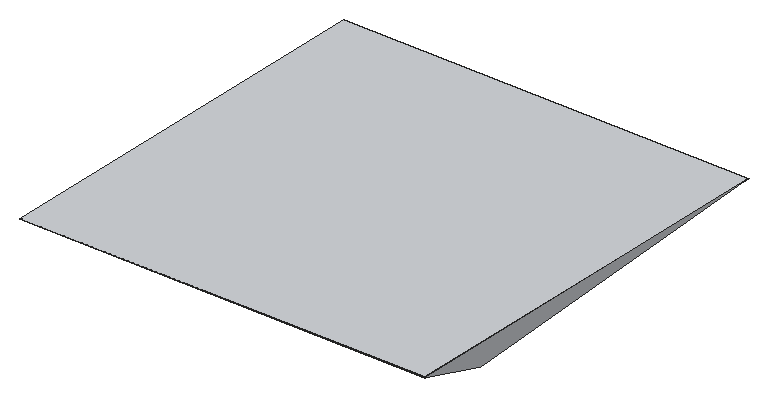
Revit family "Acoustic-Treatment_Wenger_Diffuser-Ceiling-Pyramidal", category Generic Models, Revit 2016
Family settings
  Part Type = Normal
  Can host rebar = No
  Round Connector Dimension = Use Diameter
  Work Plane-Based = Yes
  Always vertical = No
  Cut with Voids When Loaded = No
  Shared = No
  Room Calculation Point = No
Parameters
  Warranty Duration (Years) = 0
  Unit Width = 3' - 10 3/4"
  Unit Weight = 0
  Unit Length = 3' - 10 3/4"
  Unit Depth = 1' - 0"
  URL = "https://www.wengercorp.com/"
  Standards Conformance = "as Specified"
  Specification = "http://www.arcat.com/sdspecs/htm04/11_60_01wen.htm"
  SpecWizard = "http://www.arcat.com/specwizard/11061wen/index04.htm"
  Sales Information = "https://www.wengercorp.com/contact-us.php"
  Revision = "R1_2017-12"
  Pyramid Point_WidthAdjust = 3' - 0.1505"
  Pyramid Point_LengthAdjust = 1' - 9.30911"
  Product Properties = ""
  Product Data = "http://www.arcat.com/arcatcos/cos36/arc36487.html"
  Model = "As Specified"
  Manufacturer Website = "https://www.wengercorp.com/"
  Manufacturer Phone - Toll Free = ""
  Manufacturer Phone = ""
  Manufacturer Fax = ""
  Manufacturer Address = ""
  Manufacturer = "Wenger Corporation"
  Maintenance Schedule (Months) = 0
  Keynote = "11 60 01"
  Installation-Fabrication = ""
  Installation Phase = ""
  Green Building-LEED = "http://www.arcat.com/green/clients/leed_data_36487.html"
  First Depth = if(Unit Depth = 1' 0", 0' 0 1/32", 0' 2 7/8")  # 0' - 0 1/32"
  Exterior Finish [instance] = none
  Expected Lifespan (Years) = 0
  Drawn By = "Sumex Design, Inc. / Robert S. Weygant, CSI, CDT, SCIP"
  Description = "Wenger Acoustic Product as Specified"
  Default Elevation = 0' - 0"
  Copyright = "©Arcat Inc."
  Construction Details = "http://www.arcat.com/details/wengerco/wengerco.html?coid=36487"
  Assembly Code = "E1020300"
Reference planes (in)
  plane 1 "Center (Front/Back)": y = 0
  plane 2 "Bottom": z = 0
  plane 3 "Center (Left/Right)": x = 0
  plane 4 "Front": y = -23.375
  plane 5 "Back": y = 23.375
  plane 6 "Left": x = -23.375
  plane 7 "Right": x = 23.375
  plane 8 "Top": z = -12
  plane 9: z = -0.03125
  plane 10: y = -2.06589
  plane 11: x = 12.7755
Forms (in)
  Extrusion 1, solid, material <- "Exterior Finish"
    sketch origin (0, 0, 0) x (1, 0, 0) y (0, 1, 0)
      loop
        line (-23.375, 23.375) -> (-23.375, -23.375) -> (23.375, -23.375) -> (23.375, 23.375) -> (-23.375, 23.375)
    from 0 to -0.03125
  Blend 2, solid, material <- "Exterior Finish"
    base sketch origin (-43.59721, -180, -0.03125) x (-1, 0, 0) y (0, -1, 0)
      loop
        line (-20.22221, -203.375) -> (-20.22221, -156.625) -> (-66.97221, -156.625) -> (-66.97221, -203.375) -> (-20.22221, -203.375)
    top sketch origin (-43.59721, -180, -0.03125) x (-1, 0, 0) y (0, -1, 0)
      loop
        line (-56.35709, -177.91848) -> (-56.38834, -177.91848) -> (-56.38834, -177.94973) -> (-56.35709, -177.94973) -> (-56.35709, -177.91848)
    from 0 to -11.96875
Dimensions and locks (in)
  equal spacing: plane 6 "Left", plane 3 "Center (Left/Right)", plane 7 "Right"
  "Unit Width": plane 6 "Left" to plane 7 "Right"
  equal spacing: plane 5 "Back", plane 1 "Center (Front/Back)", plane 4 "Front"
  "Unit Length": plane 5 "Back" to plane 4 "Front"
  "Unit Depth": level to plane 8 "Top"
  "Pyramid Point_WidthAdjust": plane 6 "Left" to plane 11
  "Pyramid Point_LengthAdjust": plane 10 to plane 4 "Front"
  Blend 2 sketch curve to plane 11 to Blend 2 sketch curve = 0' - 0 1/64" locked, 0' - 0 1/64" locked
  Blend 2 sketch curve to plane 10 to Blend 2 sketch curve = 0' - 0 1/64" locked, 0' - 0 1/64" locked
  "First Depth": level to plane 9
  aligned and locked: Extrusion 1 sketch curve to plane 5 "Back"
  aligned and locked: Extrusion 1 sketch curve to plane 6 "Left"
  aligned and locked: Extrusion 1 sketch curve to plane 4 "Front"
  aligned and locked: Extrusion 1 sketch curve to plane 7 "Right"
  aligned and locked: Extrusion 1 to plane 9
  aligned and locked: Blend 2 sketch curve to plane 5 "Back"
  aligned and locked: Blend 2 sketch curve to plane 7 "Right"
  aligned and locked: Blend 2 sketch curve to plane 4 "Front"
  aligned and locked: Blend 2 sketch curve to plane 6 "Left"
  aligned and locked: Blend 2 to plane 8 "Top"
